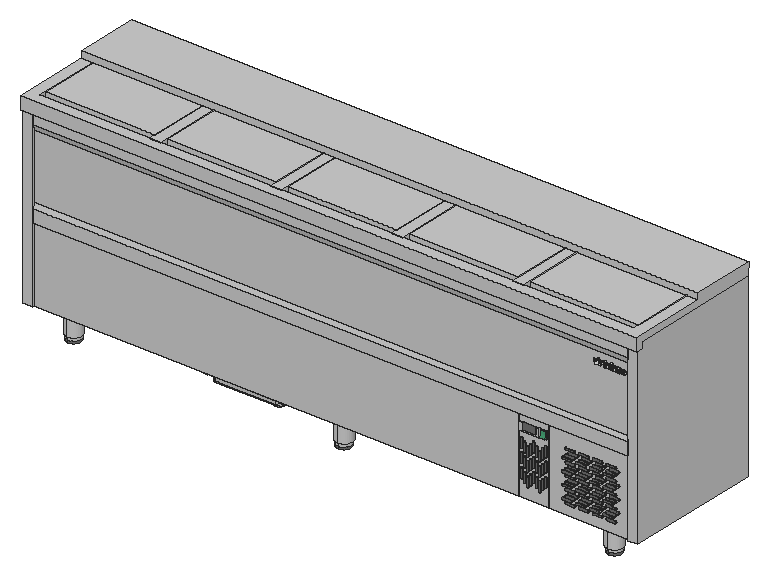
Revit family "QF_INFRICO_EB2500II_250806022218", category Specialty Equipment, Revit 2021
Family settings
  Round Connector Dimension = Use Diameter
  Part Type = Normal
  OmniClass Number = 23.40.40.14
  OmniClass Title = Food Service Equipment
  Work Plane-Based = No
  Always vertical = Yes
  Cut with Voids When Loaded = No
  Shared = No
  Room Calculation Point = No
Parameters (values of type "EB2500II")
  Weight [instance] = 112.999 kg
  Waste Water Discharge Temperature [instance] = 0 °C
  Waste Remarks [instance] = ""
  Warranty Start Date [instance] = ""
  Warranty Duration [instance] = ""
  Volts [instance] = 230 V
  Volt Free Conn [instance] = no
  URL Recommended Spares List [instance] = ""
  URL Manufacturer [instance] = ""
  URL Cutsheet [instance] = ""
  URL Critical Spares List [instance] = ""
  URL = "www.infrico.com"
  Technical Documentation [instance] = ""
  Tag Number [instance] = ""
  Status [instance] = ""
  Start Up Current [instance] = 0 A
  Specification by User [instance] = ""
  Specification by Manufacturer [instance] = ""
  Sound Level [instance] = ""
  Show Logo [instance] = yes
  Show Clearances [instance] = yes
  Service Life Duration [instance] = ""
  Serial Number [instance] = ""
  Seismic Rating [instance] = ""
  SMACNA No [instance] = ""
  Revision Code [instance] = ""
  Revision [instance] = ""
  Production Year [instance] = ""
  Potential Equalisation [instance] = no
  Point Load [instance] = 0
  Plumbing Connection Type [instance] = ""
  Phase [instance] = 1
  Other Equipment Approvals [instance] = ""
  Operational Current [instance] = 0 A
  Number of Poles [instance] = 2
  No Load Power Draw [instance] = no
  NAFEM Spec ID Number [instance] = ""
  Model Warning [instance] = ""
  Model = "EB2500II"
  Min Ckt Ampacity [instance] = 0 A
  Max Overcurrent Protection [instance] = 0 A
  Masterspec [instance] = ""
  Manufacturer = "INFRICO"
  Main switch integrated [instance] = no
  Length Actual [instance] = 2429.002 mm
  Item Number [instance] = ""
  Installed By [instance] = ""
  Installation Date [instance] = ""
  Indirect Waste Size [instance] = 19.05 mm
  Indirect Waste Remarks [instance] = ""
  Indirect Waste Flow [instance] = 0.0 L/s
  Indirect Waste Connection Type [instance] = ""
  Indirect Waste Connection Height [instance] = 0 mm
  Identify Quantity as Lot [instance] = no
  ID [instance] = ""
  Hygiene Approval [instance] = ""
  Height Actual [instance] = 865.124 mm
  HP power [instance] = ""
  Furnished By [instance] = ""
  Foodservice Equipment Identifier [instance] = no
  FL Amps [instance] = 0 A
  Electrical Remarks [instance] = ""
  Electric power [instance] = 360 W
  Electric Connection Type [instance] = ""
  Elec Conn RI Height [instance] = 0 mm
  Elec Conn Connection Height [instance] = 0 mm
  ETL Approved [instance] = no
  Direct Waste Water Discharge Temperature [instance] = -273.15 °C
  Direct Waste Size [instance] = 19.05 mm
  Direct Waste RI Height [instance] = 0 mm
  Direct Waste Flow [instance] = 0.0 L/s
  Direct Waste Connection Height [instance] = 0 mm
  Description = "CHEST BOTTLE COOLER - FIVE DOORS - R290"
  Depth Actual [instance] = 549.91 mm
  Default Elevation = 0 mm
  Cycle [instance] = 50 Hz
  Cost = 0
  Connection to energy optimisation system [instance] = yes
  Conn Plug [instance] = ""
  Conn Conduit [instance] = no
  Centralized building control system with digital interface [instance] = ""
  CSI MasterFormat [instance] = ""
  CE Approved [instance] = no
  Barcode [instance] = 0
  Author [instance] = ""
  Asset Identifier [instance] = ""
  Apparent Power [instance] = 360 VA
  Accessory [instance] = no
Reference planes
  plane 1 "Center (Front/Back)": y = 0
  plane 2: z = 0
  plane 3 "Center (Left/Right)": x = 0
Forms (mm)
  Extrusion 1, solid, not visible
    sketch origin (1997.097, -273.113, 107.005) x (1, 0, 0) y (0, 1, 0)
      loop
        line (-2, 2) -> (-2, -2) -> (2, -2) -> (2, 2) -> (-2, 2)
    from -2 to 2
  Extrusion 2, solid, not visible
    sketch origin (1862.591, -84.104, 107.005) x (1, 0, 0) y (0, 1, 0)
      loop
        line (-2, 2) -> (-2, -2) -> (2, -2) -> (2, 2) -> (-2, 2)
    from -2 to 2
Dimensions and locks
  locked: nested 2 to Extrusion 1 at 2  (x2)
  locked: nested 3 to Extrusion 2 at 2  (x2)
  aligned and locked: level to plane 2
Nested families
  nested 1: "QF_INFRICO_EB2500II_2920" at (0, 0, 0), type "EB2500II"
    with Weight 112.999 kg, Warranty Start Date "", Warranty Duration "", URL Cutsheet "", Technical Documentation "", Tag Number "", Status "", Specification by User "", Specification by Manufacturer "", Sound Level "", Solid Fuel Type "", Show Logo yes, Show Clearances yes, Show Clearance yes, Service Life Duration "", Serial Number "", Seismic Rating "", SMACNA No "", Revision Code "", Revision "", Production Year "", Point Load 0, Other Equipment Approvals "", NAFEM Spec ID Number "", Model Warning "", Masterspec "", Length Actual 2429.002 mm, Item Number "", Installed By "", Installation Date "", Identify Quantity as Lot yes, ID "", Hygiene Approval "", Height Actual 865.124 mm, Furnished By "", Foodservice Equipment Identifier yes, Finish none, ETL Approved yes, Depth Actual 549.91 mm, CSI MasterFormat "", CE Approved no, Barcode "", Author "", Asset Identifier "", Accessory no
  nested 2: "CONN_POINT_DRAIN_2D___Generic_Annotation" at (1997.097, -273.113, 105.005), type "CONN_POINT_DRAIN_2D___Generic_Annotation"
    with Onboard connection annotation symbol visibility yes
  nested 3: "CONN_POINT_ELE_2D___Generic_Annotation" at (1862.591, -84.104, 105.005), type "CONN_POINT_ELE_2D___Generic_Annotation"
    with Onboard connection annotation symbol visibility yes
Connectors
  piping at (1997.097, -273.113, 105.005), diameter 19.05, driven by "Indirect Waste Size", driven by "Direct Waste Flow"
    settings: on Extrusion 1, index 1, connector inside diameter 609.6 mm, connector length 0 mm, flow factor 0, pipe flow 0.0 L/s, pressure drop 0.0 Pa, fitting loss kfactor 0, connector angle 0.00°, fixture units 0, engagement length 0 mm, angle of deflection 0.00°, flow configuration 1, flow direction 2, fitting loss method 0, system type 16, joint type 0, gender type 0, connector reference index -1, connector utility 0, adjustable connector no, is connector primary yes, connector description "Waste connection for EB2500II"
  electrical at (1862.591, -84.104, 105.005), driven by "Apparent Power", driven by "Number of Poles", driven by "Volts"
    settings: on Extrusion 2, index 2, voltage 230 V, apparent load 0 VA, apparent load phase1 360 VA, apparent load phase2 0 VA, apparent load phase3 0 VA, power factor 1, load classification "Other", number of poles 2, system type 31, power factor state 1, is connector primary yes, connector utility no, sub classification motor no, connector description "Electrical connection for EB2500II"
Definition of nested family "QF_INFRICO_EB2500II_2920"
  Parameters (values of type "EB2500II")
    Weight [instance] = 0.00 kg
    Warranty Start Date [instance] = ""
    Warranty Duration [instance] = ""
    URL Cutsheet [instance] = ""
    URL = "www.infrico.com"
    Technical Documentation [instance] = ""
    Tag Number [instance] = ""
    Status [instance] = ""
    Specification by User [instance] = ""
    Specification by Manufacturer [instance] = ""
    Sound Level [instance] = ""
    Solid Fuel Type [instance] = ""
    Show Logo [instance] = yes
    Show Clearances [instance] = yes
    Show Clearance [instance] = yes
    Service Life Duration [instance] = ""
    Serial Number [instance] = ""
    Seismic Rating [instance] = ""
    SMACNA No [instance] = ""
    Revision Code [instance] = ""
    Revision [instance] = ""
    Production Year [instance] = ""
    Point Load [instance] = 0
    Other Equipment Approvals [instance] = ""
    NAFEM Spec ID Number [instance] = ""
    Model Warning [instance] = ""
    Model = "EB2500II"
    Masterspec [instance] = ""
    Manufacturer = "INFRICO"
    Length Actual [instance] = 0 mm
    Item Number [instance] = ""
    Installed By [instance] = ""
    Installation Date [instance] = ""
    Identify Quantity as Lot [instance] = yes
    ID [instance] = ""
    Hygiene Approval [instance] = ""
    Height Actual [instance] = 0 mm
    Furnished By [instance] = ""
    Foodservice Equipment Identifier [instance] = yes
    Finish [instance] = none
    ETL Approved [instance] = yes
    Description = "CHEST BOTTLE COOLER - FIVE DOORS - R290"
    Depth Actual [instance] = 0 mm
    Default Elevation = 0 mm
    CSI MasterFormat [instance] = ""
    CE Approved [instance] = yes
    Barcode [instance] = ""
    Author [instance] = ""
    Asset Identifier [instance] = ""
    Assembly Code = "E1090320"
    Accessory [instance] = yes
  Reference planes
    plane 1 "Back": y = 0
    plane 2: z = 0
    plane 3 "Left": x = 0
    plane 4 "Right": x = 2429
    plane 5 "Front": y = -550
    plane 6 "Top": z = 865
  Forms (mm)
    Extrusion 1, solid
      sketch origin (0, 0, -15) x (0, 1, 0) y (0, 0, 1)
        loop
          line (0, 880) -> (-247, 880) -> (-247, 855) -> (0, 855) -> (0, 880)
      from 0 to 2429
    Extrusion 2, solid
      sketch origin (0, 0, -15) x (1, 0, 0) y (0, 0, 1)
        loop
          line (44, 855) -> (0, 855) -> (0, 830) -> (3, 830) -> (3, 836) -> (44, 836) -> (44, 855)
      from 0 to 510
    Extrusion 3, solid
      sketch origin (2429, 0, -15) x (-1, 0, 0) y (0, 0, -1)
        loop
          line (44, -855) -> (44, -836) -> (3, -836) -> (3, -830) -> (0, -830) -> (0, -855) -> (44, -855)
      from 0 to 510
    Extrusion 4, solid
      sketch origin (0, 0, -15) x (0, 1, 0) y (0, 0, 1)
        loop
          line (-510, 830) -> (-510, 855) -> (-550, 855) -> (-550, 830) -> (-510, 830)
      from 0 to 2429
    Extrusion 5, solid
      sketch origin (1, 0, -15) x (0, 1, 0) y (0, 0, 1)
        loop
          line (-247, 855) -> (-482, 855) -> (-482, 832) -> (-510, 832) -> (-510, 830) -> (-247, 830) -> (-247, 855)
      from 44 to 475
    Extrusion 6, solid
      sketch origin (0, 0, -15) x (0, 1, 0) y (0, 0, 1)
        loop
          line (0, 855) -> (-44, 855) -> (-44, 830) -> (0, 830) -> (0, 855)
      from 44 to 2385
    Extrusion 7, solid
      sketch origin (0, 0, -15) x (1, 0, 0) y (0, 0, 1)
        loop
          line (3, 830) -> (44, 830) -> (44, 836) -> (3, 836) -> (3, 830)
      from 0 to 44
    Extrusion 8, solid
      sketch origin (2382, 0, -15) x (1, 0, 0) y (0, 0, 1)
        loop
          line (3, 830) -> (44, 830) -> (44, 836) -> (3, 836) -> (3, 830)
      from 0 to 44
    Extrusion 9, solid
      sketch origin (3, 0, -15) x (0, 1, 0) y (0, 0, 1)
        loop
          line (-542, 120) -> (0, 120) -> (0, 830) -> (-542, 830) -> (-542, 120)
      from 0 to 39
    Extrusion 10, solid, visible <- "Show Logo"
      sketch origin (1085.682, -535, -15.716) x (1, 0, 0) y (0, 0, 1)
        loop
          line (1208.799, 696.53) -> (1208.799, 719.204) -> (1204.173, 719.204) -> (1204.173, 696.53) -> (1208.799, 696.53)
        loop
          line (1214.779, 713.006) -> (1211.283, 713.006) -> (1211.283, 696.53) -> (1215.772, 696.53) -> (1215.772, 707.832)
          arc (1215.772, 707.832) -> (1217.528, 708.741) -> (1219.417, 709.324) r 11.052
          arc (1219.417, 709.324) -> (1220.929, 708.961) -> (1221.598, 707.557) r 1.806
          line (1221.598, 707.557) -> (1221.598, 696.53) -> (1226.121, 696.53) -> (1226.121, 708.689)
          arc (1226.121, 708.689) -> (1224.637, 712.075) -> (1221.141, 713.281) r 4.607
          arc (1221.141, 713.281) -> (1218.282, 712.674) -> (1215.669, 711.361) r 11.435
          line (1215.669, 711.361) -> (1215.601, 712.184)
          arc (1215.601, 712.184) -> (1215.36, 712.765) -> (1214.779, 713.006) r 0.822
        loop
          line (1238.557, 720.102) -> (1237.306, 720.102)
          arc (1237.306, 720.102) -> (1235.052, 719.926) -> (1232.881, 719.297) r 11.103
          arc (1232.881, 719.297) -> (1230.805, 717.616) -> (1230.024, 715.062) r 4.567
          line (1230.024, 715.062) -> (1230.024, 712.909) -> (1227.351, 712.703) -> (1227.351, 709.374) -> (1230.024, 709.374) -> (1230.024, 696.53) -> (1234.547, 696.53) -> (1234.547, 709.374) -> (1238.249, 709.374) -> (1238.249, 712.938) -> (1234.547, 712.938) -> (1234.547, 714.548)
          arc (1234.547, 714.548) -> (1234.956, 715.705) -> (1236.045, 716.271) r 1.67
          line (1236.045, 716.271) -> (1237.7, 716.399)
          arc (1237.7, 716.399) -> (1238.306, 716.65) -> (1238.557, 717.255) r 0.857
          line (1238.557, 717.255) -> (1238.557, 720.102)
        loop
          line (1239.479, 713.006) -> (1239.479, 696.53) -> (1243.968, 696.53) -> (1243.968, 707.352)
          arc (1243.968, 707.352) -> (1245.873, 708.631) -> (1248.077, 709.268) r 7.435
          line (1248.077, 709.268) -> (1249.241, 709.416)
          arc (1249.241, 709.416) -> (1249.643, 709.758) -> (1249.793, 710.265) r 0.928
          line (1249.793, 710.265) -> (1249.793, 712.458)
          arc (1249.793, 712.458) -> (1249.531, 713.061) -> (1248.912, 713.28) r 0.824
          arc (1248.912, 713.28) -> (1246.197, 712.588) -> (1243.899, 710.984) r 7.833
          line (1243.899, 710.984) -> (1243.726, 713.006) -> (1239.479, 713.006)
        loop
          line (1255.495, 696.53) -> (1255.495, 713.006) -> (1251.006, 713.006) -> (1251.006, 696.53) -> (1255.495, 696.53)
        loop
          arc (1257.421, 701.327) -> (1258.567, 698.188) -> (1261.466, 696.525) r 4.873
          arc (1261.466, 696.525) -> (1264.493, 696.266) -> (1267.521, 696.525) r 17.816
          arc (1267.521, 696.525) -> (1270.575, 699.134) -> (1271.505, 703.041) r 6.481
          line (1271.505, 703.041) -> (1267.187, 703.041) -> (1267.187, 701.67)
          arc (1267.187, 701.67) -> (1266.64, 700.452) -> (1265.442, 699.865) r 1.965
          arc (1265.442, 699.865) -> (1264.547, 699.816) -> (1263.653, 699.865) r 8.196
          arc (1263.653, 699.865) -> (1262.417, 700.415) -> (1261.91, 701.67) r 1.806
          line (1261.91, 701.67) -> (1261.91, 707.9)
          arc (1261.91, 707.9) -> (1262.417, 709.155) -> (1263.653, 709.705) r 1.806
          arc (1263.653, 709.705) -> (1264.547, 709.754) -> (1265.442, 709.705) r 8.196
          arc (1265.442, 709.705) -> (1266.64, 709.118) -> (1267.187, 707.9) r 1.965
          line (1267.187, 707.9) -> (1267.187, 706.838) -> (1271.505, 706.838)
          arc (1271.505, 706.838) -> (1270.524, 710.556) -> (1267.521, 712.959) r 6.132
          arc (1267.521, 712.959) -> (1264.493, 713.294) -> (1261.466, 712.959) r 13.851
          arc (1261.466, 712.959) -> (1258.571, 711.349) -> (1257.421, 708.243) r 4.772
          line (1257.421, 708.243) -> (1257.421, 701.327)
        loop
          arc (1272.916, 701.329) -> (1273.993, 698.345) -> (1276.726, 696.734) r 4.676
          arc (1276.726, 696.734) -> (1278.515, 696.455) -> (1280.318, 696.291) r 28.371
          arc (1280.318, 696.291) -> (1282.122, 696.455) -> (1283.911, 696.734) r 28.371
          arc (1283.911, 696.734) -> (1286.644, 698.345) -> (1287.72, 701.329) r 4.676
          line (1287.72, 701.329) -> (1287.72, 708.242)
          arc (1287.72, 708.242) -> (1286.644, 711.226) -> (1283.911, 712.837) r 4.676
          arc (1283.911, 712.837) -> (1282.122, 713.116) -> (1280.318, 713.28) r 28.371
          arc (1280.318, 713.28) -> (1278.515, 713.116) -> (1276.726, 712.837) r 28.371
          arc (1276.726, 712.837) -> (1273.993, 711.226) -> (1272.916, 708.242) r 4.676
          line (1272.916, 708.242) -> (1272.916, 701.329)
        loop
          line (1277.405, 707.866) -> (1277.405, 701.705)
          arc (1277.405, 701.705) -> (1277.844, 700.556) -> (1278.936, 699.991) r 1.725
          arc (1278.936, 699.991) -> (1279.627, 699.918) -> (1280.318, 699.856) r 46.133
          arc (1280.318, 699.856) -> (1281.01, 699.918) -> (1281.701, 699.991) r 46.133
          arc (1281.701, 699.991) -> (1282.793, 700.556) -> (1283.231, 701.705) r 1.725
          line (1283.231, 701.705) -> (1283.231, 707.866)
          arc (1283.231, 707.866) -> (1282.793, 709.015) -> (1281.701, 709.58) r 1.725
          arc (1281.701, 709.58) -> (1281.01, 709.653) -> (1280.318, 709.716) r 46.133
          arc (1280.318, 709.716) -> (1279.627, 709.653) -> (1278.936, 709.58) r 46.133
          arc (1278.936, 709.58) -> (1277.844, 709.015) -> (1277.405, 707.866) r 1.725
        loop
          arc (1190.339, 696.543) -> (1191.411, 696.987) -> (1191.856, 698.059) r 1.516
          line (1191.856, 698.059) -> (1191.856, 703.891) -> (1196.035, 703.891)
          arc (1196.035, 703.891) -> (1196.79, 704.121) -> (1197.218, 704.782) r 1.147
          line (1197.218, 704.782) -> (1197.218, 706.211)
          arc (1197.218, 706.211) -> (1196.787, 707.258) -> (1195.719, 707.634) r 1.385
          line (1195.719, 707.634) -> (1194.52, 707.634) -> (1197.218, 710.332)
          arc (1197.218, 710.332) -> (1197.605, 711.266) -> (1197.218, 712.2) r 1.321
          line (1197.218, 712.2) -> (1196.495, 712.923)
          arc (1196.495, 712.923) -> (1195.54, 713.338) -> (1194.558, 712.991) r 1.422
          line (1194.558, 712.991) -> (1191.853, 710.286) -> (1191.853, 711.479)
          arc (1191.853, 711.479) -> (1191.443, 712.516) -> (1190.435, 712.992) r 1.516
          line (1190.435, 712.992) -> (1189.514, 712.992)
          arc (1189.514, 712.992) -> (1188.511, 712.514) -> (1188.103, 711.479) r 1.516
          line (1188.103, 711.479) -> (1188.103, 706.83) -> (1182.073, 701.336) -> (1182.073, 707.509) -> (1185.639, 711.075)
          arc (1185.639, 711.075) -> (1186.053, 712.073) -> (1185.639, 713.071) r 1.412
          line (1185.639, 713.071) -> (1184.987, 713.723)
          arc (1184.987, 713.723) -> (1183.939, 714.141) -> (1182.915, 713.667) r 1.428
          line (1182.915, 713.667) -> (1182.073, 712.825) -> (1182.073, 717.784)
          arc (1182.073, 717.784) -> (1181.658, 718.787) -> (1180.655, 719.203) r 1.418
          line (1180.655, 719.203) -> (1179.726, 719.203)
          arc (1179.726, 719.203) -> (1178.723, 718.787) -> (1178.308, 717.784) r 1.418
          line (1178.308, 717.784) -> (1178.308, 712.825) -> (1177.466, 713.667)
          arc (1177.466, 713.667) -> (1176.442, 714.141) -> (1175.394, 713.723) r 1.428
          line (1175.394, 713.723) -> (1174.742, 713.071)
          arc (1174.742, 713.071) -> (1174.328, 712.073) -> (1174.742, 711.075) r 1.412
          line (1174.742, 711.075) -> (1178.308, 707.509) -> (1178.308, 701.336) -> (1172.278, 706.83) -> (1172.278, 711.479)
          arc (1172.278, 711.479) -> (1171.87, 712.514) -> (1170.867, 712.992) r 1.516
          line (1170.867, 712.992) -> (1169.946, 712.992)
          arc (1169.946, 712.992) -> (1168.938, 712.516) -> (1168.528, 711.479) r 1.516
          line (1168.528, 711.479) -> (1168.528, 710.286) -> (1165.823, 712.991)
          arc (1165.823, 712.991) -> (1164.841, 713.338) -> (1163.886, 712.923) r 1.422
          line (1163.886, 712.923) -> (1163.163, 712.2)
          arc (1163.163, 712.2) -> (1162.776, 711.266) -> (1163.163, 710.332) r 1.321
          line (1163.163, 710.332) -> (1165.861, 707.634) -> (1164.662, 707.634)
          arc (1164.662, 707.634) -> (1163.594, 707.258) -> (1163.163, 706.211) r 1.385
          line (1163.163, 706.211) -> (1163.163, 704.782)
          arc (1163.163, 704.782) -> (1163.591, 704.121) -> (1164.346, 703.891) r 1.147
          line (1164.346, 703.891) -> (1168.525, 703.891) -> (1168.525, 698.059)
          arc (1168.525, 698.059) -> (1168.969, 696.987) -> (1170.042, 696.543) r 1.516
          line (1170.042, 696.543) -> (1190.339, 696.543)
      from 0 to 2
    Extrusion 11, solid
      sketch origin (2060.5, -534, 1402.457) x (0, -1, 0) y (0, 0, 1)
        loop
          line (0, -1056.457) -> (2, -1056.457)
          arc (2, -1056.457) -> (5.042, -1056.207) -> (8.002, -1055.466) r 18.678
          arc (8.002, -1055.466) -> (4.242, -1043.724) -> (3, -1031.457) r 59.104
          line (3, -1031.457) -> (0, -1031.457) -> (0, -1056.457)
      from 0 to 19
    Extrusion 12, solid
      sketch origin (2060.5, -536, 1402.457) x (-1, 0, 0) y (0, 0, 1)
        loop
          line (22, -1028.457) -> (-3, -1028.457) -> (-3, -1059.457) -> (22, -1059.457) -> (22, -1028.457)
      from 0 to 2
    Extrusion 13, solid
      sketch origin (3238.844, -534.1, 58.143) x (-1, 0, 0) y (0, 0, 1)
        loop
          arc (1280.344, 256.857) -> (1275.844, 261.357) -> (1271.344, 256.857) r 4.5
          line (1271.344, 256.857) -> (1271.344, 225.857)
          arc (1271.344, 225.857) -> (1275.844, 221.357) -> (1280.344, 225.857) r 4.5
          line (1280.344, 225.857) -> (1280.344, 256.857)
        loop
          arc (1268.344, 244.857) -> (1263.844, 249.357) -> (1259.344, 244.857) r 4.5
          line (1259.344, 244.857) -> (1259.344, 213.857)
          arc (1259.344, 213.857) -> (1263.844, 209.357) -> (1268.344, 213.857) r 4.5
          line (1268.344, 213.857) -> (1268.344, 244.857)
        loop
          arc (1256.344, 232.857) -> (1251.844, 237.357) -> (1247.344, 232.857) r 4.5
          line (1247.344, 232.857) -> (1247.344, 201.857)
          arc (1247.344, 201.857) -> (1251.844, 197.357) -> (1256.344, 201.857) r 4.5
          line (1256.344, 201.857) -> (1256.344, 232.857)
        loop
          arc (1244.344, 244.857) -> (1239.844, 249.357) -> (1235.344, 244.857) r 4.5
          line (1235.344, 244.857) -> (1235.344, 213.857)
          arc (1235.344, 213.857) -> (1239.844, 209.357) -> (1244.344, 213.857) r 4.5
          line (1244.344, 213.857) -> (1244.344, 244.857)
        loop
          arc (1232.344, 256.857) -> (1227.844, 261.357) -> (1223.344, 256.857) r 4.5
          line (1223.344, 256.857) -> (1223.344, 225.857)
          arc (1223.344, 225.857) -> (1227.844, 221.357) -> (1232.344, 225.857) r 4.5
          line (1232.344, 225.857) -> (1232.344, 256.857)
        loop
          arc (1220.344, 244.857) -> (1215.844, 249.357) -> (1211.344, 244.857) r 4.5
          line (1211.344, 244.857) -> (1211.344, 213.857)
          arc (1211.344, 213.857) -> (1215.844, 209.357) -> (1220.344, 213.857) r 4.5
          line (1220.344, 213.857) -> (1220.344, 244.857)
        loop
          arc (1208.344, 232.857) -> (1203.844, 237.357) -> (1199.344, 232.857) r 4.5
          line (1199.344, 232.857) -> (1199.344, 201.857)
          arc (1199.344, 201.857) -> (1203.844, 197.357) -> (1208.344, 201.857) r 4.5
          line (1208.344, 201.857) -> (1208.344, 232.857)
        loop
          arc (1196.344, 244.857) -> (1191.844, 249.357) -> (1187.344, 244.857) r 4.5
          line (1187.344, 244.857) -> (1187.344, 213.857)
          arc (1187.344, 213.857) -> (1191.844, 209.357) -> (1196.344, 213.857) r 4.5
          line (1196.344, 213.857) -> (1196.344, 244.857)
        loop
          line (1175.344, 256.857) -> (1175.344, 225.857)
          arc (1175.344, 225.857) -> (1179.844, 221.357) -> (1184.344, 225.857) r 4.5
          line (1184.344, 225.857) -> (1184.344, 256.857)
          arc (1184.344, 256.857) -> (1179.844, 261.357) -> (1175.344, 256.857) r 4.5
        loop
          arc (1280.344, 202.857) -> (1275.844, 207.357) -> (1271.344, 202.857) r 4.5
          line (1271.344, 202.857) -> (1271.344, 171.857)
          arc (1271.344, 171.857) -> (1275.844, 167.357) -> (1280.344, 171.857) r 4.5
          line (1280.344, 171.857) -> (1280.344, 202.857)
        loop
          arc (1268.344, 190.857) -> (1263.844, 195.357) -> (1259.344, 190.857) r 4.5
          line (1259.344, 190.857) -> (1259.344, 159.857)
          arc (1259.344, 159.857) -> (1263.844, 155.357) -> (1268.344, 159.857) r 4.5
          line (1268.344, 159.857) -> (1268.344, 190.857)
        loop
          arc (1256.344, 178.857) -> (1251.844, 183.357) -> (1247.344, 178.857) r 4.5
          line (1247.344, 178.857) -> (1247.344, 147.857)
          arc (1247.344, 147.857) -> (1251.844, 143.357) -> (1256.344, 147.857) r 4.5
          line (1256.344, 147.857) -> (1256.344, 178.857)
        loop
          arc (1244.344, 190.857) -> (1239.844, 195.357) -> (1235.344, 190.857) r 4.5
          line (1235.344, 190.857) -> (1235.344, 159.857)
          arc (1235.344, 159.857) -> (1239.844, 155.357) -> (1244.344, 159.857) r 4.5
          line (1244.344, 159.857) -> (1244.344, 190.857)
        loop
          arc (1232.344, 202.857) -> (1227.844, 207.357) -> (1223.344, 202.857) r 4.5
          line (1223.344, 202.857) -> (1223.344, 171.857)
          arc (1223.344, 171.857) -> (1227.844, 167.357) -> (1232.344, 171.857) r 4.5
          line (1232.344, 171.857) -> (1232.344, 202.857)
        loop
          arc (1220.344, 190.857) -> (1215.844, 195.357) -> (1211.344, 190.857) r 4.5
          line (1211.344, 190.857) -> (1211.344, 159.857)
          arc (1211.344, 159.857) -> (1215.844, 155.357) -> (1220.344, 159.857) r 4.5
          line (1220.344, 159.857) -> (1220.344, 190.857)
        loop
          arc (1208.344, 178.857) -> (1203.844, 183.357) -> (1199.344, 178.857) r 4.5
          line (1199.344, 178.857) -> (1199.344, 147.857)
          arc (1199.344, 147.857) -> (1203.844, 143.357) -> (1208.344, 147.857) r 4.5
          line (1208.344, 147.857) -> (1208.344, 178.857)
        loop
          arc (1196.344, 190.857) -> (1191.844, 195.357) -> (1187.344, 190.857) r 4.5
          line (1187.344, 190.857) -> (1187.344, 159.857)
          arc (1187.344, 159.857) -> (1191.844, 155.357) -> (1196.344, 159.857) r 4.5
          line (1196.344, 159.857) -> (1196.344, 190.857)
        loop
          line (1175.344, 202.857) -> (1175.344, 171.857)
          arc (1175.344, 171.857) -> (1179.844, 167.357) -> (1184.344, 171.857) r 4.5
          line (1184.344, 171.857) -> (1184.344, 202.857)
          arc (1184.344, 202.857) -> (1179.844, 207.357) -> (1175.344, 202.857) r 4.5
        loop
          arc (1280.344, 148.857) -> (1275.844, 153.357) -> (1271.344, 148.857) r 4.5
          line (1271.344, 148.857) -> (1271.344, 117.857)
          arc (1271.344, 117.857) -> (1275.844, 113.357) -> (1280.344, 117.857) r 4.5
          line (1280.344, 117.857) -> (1280.344, 148.857)
        loop
          arc (1268.344, 136.857) -> (1263.844, 141.357) -> (1259.344, 136.857) r 4.5
          line (1259.344, 136.857) -> (1259.344, 105.857)
          arc (1259.344, 105.857) -> (1263.844, 101.357) -> (1268.344, 105.857) r 4.5
          line (1268.344, 105.857) -> (1268.344, 136.857)
        loop
          arc (1256.344, 124.857) -> (1251.844, 129.357) -> (1247.344, 124.857) r 4.5
          line (1247.344, 124.857) -> (1247.344, 93.857)
          arc (1247.344, 93.857) -> (1251.844, 89.357) -> (1256.344, 93.857) r 4.5
          line (1256.344, 93.857) -> (1256.344, 124.857)
        loop
          arc (1244.344, 136.857) -> (1239.844, 141.357) -> (1235.344, 136.857) r 4.5
          line (1235.344, 136.857) -> (1235.344, 105.857)
          arc (1235.344, 105.857) -> (1239.844, 101.357) -> (1244.344, 105.857) r 4.5
          line (1244.344, 105.857) -> (1244.344, 136.857)
        loop
          arc (1232.344, 148.857) -> (1227.844, 153.357) -> (1223.344, 148.857) r 4.5
          line (1223.344, 148.857) -> (1223.344, 117.857)
          arc (1223.344, 117.857) -> (1227.844, 113.357) -> (1232.344, 117.857) r 4.5
          line (1232.344, 117.857) -> (1232.344, 148.857)
        loop
          arc (1220.344, 136.857) -> (1215.844, 141.357) -> (1211.344, 136.857) r 4.5
          line (1211.344, 136.857) -> (1211.344, 105.857)
          arc (1211.344, 105.857) -> (1215.844, 101.357) -> (1220.344, 105.857) r 4.5
          line (1220.344, 105.857) -> (1220.344, 136.857)
        loop
          arc (1208.344, 124.857) -> (1203.844, 129.357) -> (1199.344, 124.857) r 4.5
          line (1199.344, 124.857) -> (1199.344, 93.857)
          arc (1199.344, 93.857) -> (1203.844, 89.357) -> (1208.344, 93.857) r 4.5
          line (1208.344, 93.857) -> (1208.344, 124.857)
        loop
          arc (1196.344, 136.857) -> (1191.844, 141.357) -> (1187.344, 136.857) r 4.5
          line (1187.344, 136.857) -> (1187.344, 105.857)
          arc (1187.344, 105.857) -> (1191.844, 101.357) -> (1196.344, 105.857) r 4.5
          line (1196.344, 105.857) -> (1196.344, 136.857)
        loop
          line (1175.344, 148.857) -> (1175.344, 117.857)
          arc (1175.344, 117.857) -> (1179.844, 113.357) -> (1184.344, 117.857) r 4.5
          line (1184.344, 117.857) -> (1184.344, 148.857)
          arc (1184.344, 148.857) -> (1179.844, 153.357) -> (1175.344, 148.857) r 4.5
      from 0 to 2
    Extrusion 14, solid
      sketch origin (-1000, 0, -15) x (1, 0, 0) y (0, 1, 0)
        loop
          line (1000, -550) -> (3429, -550) -> (3429, -525) -> (3426, -525) -> (3426, -548) -> (1003, -548) -> (1003, -525) -> (1000, -525) -> (1000, -550)
      from 805 to 830
    Extrusion 15, solid
      sketch origin (997, 0, -15) x (0, 1, 0) y (0, 0, -1)
        loop
          line (-247, -855) -> (-247, -830) -> (-510, -830) -> (-510, -832) -> (-482, -832) -> (-482, -855) -> (-247, -855)
      from 44 to 475
    Extrusion 16, solid
      sketch origin (-3, 0, -15) x (1, 0, 0) y (0, 1, 0)
        loop
          line (480, -247) -> (480, -510) -> (524, -510) -> (524, -247) -> (480, -247)
      from 830 to 855
    Extrusion 17, solid
      sketch origin (2426, 0, -15) x (0, 1, 0) y (0, 0, -1)
        loop
          line (-542, -120) -> (-542, -830) -> (0, -830) -> (0, -120) -> (-542, -120)
      from 0 to 39
    Extrusion 18, solid
      sketch origin (0, 0, -2) x (0, 1, 0) y (0, 0, 1)
        loop
          line (-542, 817) -> (-542, 750) -> (-535, 731) -> (-535, 474) -> (-542, 455) -> (-542, 405) -> (-525, 405) -> (-525, 817) -> (-542, 817)
      from 42 to 2387
    Extrusion 19, solid
      sketch origin (0, 0, -2) x (0, 1, 0) y (0, 0, 1)
        loop
          line (0, 817) -> (-12, 817) -> (-12, 119) -> (-485, 119) -> (-485, 107) -> (0, 107) -> (0, 817)
      from 42 to 2387
    Extrusion 20, solid
      sketch origin (0, 0, -2) x (0, 1, 0) y (0, 0, 1)
        loop
          line (-485, 107) -> (-485, 119) -> (-525, 119) -> (-525, 405) -> (-534, 405) -> (-534, 107) -> (-485, 107)
      from 42 to 1951
    Extrusion 21, solid
      sketch origin (1909, 0, -2) x (0, 1, 0) y (0, 0, 1)
        loop
          line (-485, 107) -> (-485, 119) -> (-525, 119) -> (-525, 405) -> (-534, 405) -> (-534, 107) -> (-485, 107)
      from 42 to 162
    Extrusion 22, solid
      sketch origin (2029, 0, -2) x (0, 1, 0) y (0, 0, 1)
        loop
          line (-485, 107) -> (-485, 119) -> (-525, 119) -> (-525, 405) -> (-534, 405) -> (-534, 107) -> (-485, 107)
      from 42 to 358
    Extrusion 23, solid
      sketch origin (3358.844, -534.1, 58.143) x (-1, 0, 0) y (0, 0, 1)
        loop
          arc (1068.844, 176.857) -> (1064.344, 172.357) -> (1068.844, 167.857) r 4.5
          line (1068.844, 167.857) -> (1099.844, 167.857)
          arc (1099.844, 167.857) -> (1104.344, 172.357) -> (1099.844, 176.857) r 4.5
          line (1099.844, 176.857) -> (1068.844, 176.857)
        loop
          arc (1080.844, 164.857) -> (1076.344, 160.357) -> (1080.844, 155.857) r 4.5
          line (1080.844, 155.857) -> (1111.844, 155.857)
          arc (1111.844, 155.857) -> (1116.344, 160.357) -> (1111.844, 164.857) r 4.5
          line (1111.844, 164.857) -> (1080.844, 164.857)
        loop
          arc (1092.844, 152.857) -> (1088.344, 148.357) -> (1092.844, 143.857) r 4.5
          line (1092.844, 143.857) -> (1123.844, 143.857)
          arc (1123.844, 143.857) -> (1128.344, 148.357) -> (1123.844, 152.857) r 4.5
          line (1123.844, 152.857) -> (1092.844, 152.857)
        loop
          arc (1080.844, 140.857) -> (1076.344, 136.357) -> (1080.844, 131.857) r 4.5
          line (1080.844, 131.857) -> (1111.844, 131.857)
          arc (1111.844, 131.857) -> (1116.344, 136.357) -> (1111.844, 140.857) r 4.5
          line (1111.844, 140.857) -> (1080.844, 140.857)
        loop
          arc (1068.844, 128.857) -> (1064.344, 124.357) -> (1068.844, 119.857) r 4.5
          line (1068.844, 119.857) -> (1099.844, 119.857)
          arc (1099.844, 119.857) -> (1104.344, 124.357) -> (1099.844, 128.857) r 4.5
          line (1099.844, 128.857) -> (1068.844, 128.857)
        loop
          arc (1080.844, 116.857) -> (1076.344, 112.357) -> (1080.844, 107.857) r 4.5
          line (1080.844, 107.857) -> (1111.844, 107.857)
          arc (1111.844, 107.857) -> (1116.344, 112.357) -> (1111.844, 116.857) r 4.5
          line (1111.844, 116.857) -> (1080.844, 116.857)
        loop
          arc (1092.844, 104.857) -> (1088.344, 100.357) -> (1092.844, 95.857) r 4.5
          line (1092.844, 95.857) -> (1123.844, 95.857)
          arc (1123.844, 95.857) -> (1128.344, 100.357) -> (1123.844, 104.857) r 4.5
          line (1123.844, 104.857) -> (1092.844, 104.857)
        loop
          arc (1080.844, 92.857) -> (1076.344, 88.357) -> (1080.844, 83.857) r 4.5
          line (1080.844, 83.857) -> (1111.844, 83.857)
          arc (1111.844, 83.857) -> (1116.344, 88.357) -> (1111.844, 92.857) r 4.5
          line (1111.844, 92.857) -> (1080.844, 92.857)
        loop
          arc (1122.844, 176.857) -> (1118.344, 172.357) -> (1122.844, 167.857) r 4.5
          line (1122.844, 167.857) -> (1153.844, 167.857)
          arc (1153.844, 167.857) -> (1158.344, 172.357) -> (1153.844, 176.857) r 4.5
          line (1153.844, 176.857) -> (1122.844, 176.857)
        loop
          arc (1134.844, 164.857) -> (1130.344, 160.357) -> (1134.844, 155.857) r 4.5
          line (1134.844, 155.857) -> (1165.844, 155.857)
          arc (1165.844, 155.857) -> (1170.344, 160.357) -> (1165.844, 164.857) r 4.5
          line (1165.844, 164.857) -> (1134.844, 164.857)
        loop
          arc (1146.844, 152.857) -> (1142.344, 148.357) -> (1146.844, 143.857) r 4.5
          line (1146.844, 143.857) -> (1177.844, 143.857)
          arc (1177.844, 143.857) -> (1182.344, 148.357) -> (1177.844, 152.857) r 4.5
          line (1177.844, 152.857) -> (1146.844, 152.857)
        loop
          arc (1134.844, 140.857) -> (1130.344, 136.357) -> (1134.844, 131.857) r 4.5
          line (1134.844, 131.857) -> (1165.844, 131.857)
          arc (1165.844, 131.857) -> (1170.344, 136.357) -> (1165.844, 140.857) r 4.5
          line (1165.844, 140.857) -> (1134.844, 140.857)
        loop
          arc (1122.844, 128.857) -> (1118.344, 124.357) -> (1122.844, 119.857) r 4.5
          line (1122.844, 119.857) -> (1153.844, 119.857)
          arc (1153.844, 119.857) -> (1158.344, 124.357) -> (1153.844, 128.857) r 4.5
          line (1153.844, 128.857) -> (1122.844, 128.857)
        loop
          arc (1134.844, 116.857) -> (1130.344, 112.357) -> (1134.844, 107.857) r 4.5
          line (1134.844, 107.857) -> (1165.844, 107.857)
          arc (1165.844, 107.857) -> (1170.344, 112.357) -> (1165.844, 116.857) r 4.5
          line (1165.844, 116.857) -> (1134.844, 116.857)
        loop
          arc (1146.844, 104.857) -> (1142.344, 100.357) -> (1146.844, 95.857) r 4.5
          line (1146.844, 95.857) -> (1177.844, 95.857)
          arc (1177.844, 95.857) -> (1182.344, 100.357) -> (1177.844, 104.857) r 4.5
          line (1177.844, 104.857) -> (1146.844, 104.857)
        loop
          arc (1134.844, 92.857) -> (1130.344, 88.357) -> (1134.844, 83.857) r 4.5
          line (1134.844, 83.857) -> (1165.844, 83.857)
          arc (1165.844, 83.857) -> (1170.344, 88.357) -> (1165.844, 92.857) r 4.5
          line (1165.844, 92.857) -> (1134.844, 92.857)
        loop
          arc (1176.844, 176.857) -> (1172.344, 172.357) -> (1176.844, 167.857) r 4.5
          line (1176.844, 167.857) -> (1207.844, 167.857)
          arc (1207.844, 167.857) -> (1212.344, 172.357) -> (1207.844, 176.857) r 4.5
          line (1207.844, 176.857) -> (1176.844, 176.857)
        loop
          arc (1188.844, 164.857) -> (1184.344, 160.357) -> (1188.844, 155.857) r 4.5
          line (1188.844, 155.857) -> (1219.844, 155.857)
          arc (1219.844, 155.857) -> (1224.344, 160.357) -> (1219.844, 164.857) r 4.5
          line (1219.844, 164.857) -> (1188.844, 164.857)
        loop
          arc (1200.844, 152.857) -> (1196.344, 148.357) -> (1200.844, 143.857) r 4.5
          line (1200.844, 143.857) -> (1231.844, 143.857)
          arc (1231.844, 143.857) -> (1236.344, 148.357) -> (1231.844, 152.857) r 4.5
          line (1231.844, 152.857) -> (1200.844, 152.857)
        loop
          arc (1188.844, 140.857) -> (1184.344, 136.357) -> (1188.844, 131.857) r 4.5
          line (1188.844, 131.857) -> (1219.844, 131.857)
          arc (1219.844, 131.857) -> (1224.344, 136.357) -> (1219.844, 140.857) r 4.5
          line (1219.844, 140.857) -> (1188.844, 140.857)
        loop
          arc (1176.844, 128.857) -> (1172.344, 124.357) -> (1176.844, 119.857) r 4.5
          line (1176.844, 119.857) -> (1207.844, 119.857)
          arc (1207.844, 119.857) -> (1212.344, 124.357) -> (1207.844, 128.857) r 4.5
          line (1207.844, 128.857) -> (1176.844, 128.857)
        loop
          arc (1188.844, 116.857) -> (1184.344, 112.357) -> (1188.844, 107.857) r 4.5
          line (1188.844, 107.857) -> (1219.844, 107.857)
          arc (1219.844, 107.857) -> (1224.344, 112.357) -> (1219.844, 116.857) r 4.5
          line (1219.844, 116.857) -> (1188.844, 116.857)
        loop
          arc (1200.844, 104.857) -> (1196.344, 100.357) -> (1200.844, 95.857) r 4.5
          line (1200.844, 95.857) -> (1231.844, 95.857)
          arc (1231.844, 95.857) -> (1236.344, 100.357) -> (1231.844, 104.857) r 4.5
          line (1231.844, 104.857) -> (1200.844, 104.857)
        loop
          arc (1188.844, 92.857) -> (1184.344, 88.357) -> (1188.844, 83.857) r 4.5
          line (1188.844, 83.857) -> (1219.844, 83.857)
          arc (1219.844, 83.857) -> (1224.344, 88.357) -> (1219.844, 92.857) r 4.5
          line (1219.844, 92.857) -> (1188.844, 92.857)
        loop
          arc (1068.844, 272.857) -> (1064.344, 268.357) -> (1068.844, 263.857) r 4.5
          line (1068.844, 263.857) -> (1099.844, 263.857)
          arc (1099.844, 263.857) -> (1104.344, 268.357) -> (1099.844, 272.857) r 4.5
          line (1099.844, 272.857) -> (1068.844, 272.857)
        loop
          arc (1080.844, 260.857) -> (1076.344, 256.357) -> (1080.844, 251.857) r 4.5
          line (1080.844, 251.857) -> (1111.844, 251.857)
          arc (1111.844, 251.857) -> (1116.344, 256.357) -> (1111.844, 260.857) r 4.5
          line (1111.844, 260.857) -> (1080.844, 260.857)
        loop
          arc (1092.844, 248.857) -> (1088.344, 244.357) -> (1092.844, 239.857) r 4.5
          line (1092.844, 239.857) -> (1123.844, 239.857)
          arc (1123.844, 239.857) -> (1128.344, 244.357) -> (1123.844, 248.857) r 4.5
          line (1123.844, 248.857) -> (1092.844, 248.857)
        loop
          arc (1080.844, 236.857) -> (1076.344, 232.357) -> (1080.844, 227.857) r 4.5
          line (1080.844, 227.857) -> (1111.844, 227.857)
          arc (1111.844, 227.857) -> (1116.344, 232.357) -> (1111.844, 236.857) r 4.5
          line (1111.844, 236.857) -> (1080.844, 236.857)
        loop
          arc (1068.844, 224.857) -> (1064.344, 220.357) -> (1068.844, 215.857) r 4.5
          line (1068.844, 215.857) -> (1099.844, 215.857)
          arc (1099.844, 215.857) -> (1104.344, 220.357) -> (1099.844, 224.857) r 4.5
          line (1099.844, 224.857) -> (1068.844, 224.857)
        loop
          arc (1080.844, 212.857) -> (1076.344, 208.357) -> (1080.844, 203.857) r 4.5
          line (1080.844, 203.857) -> (1111.844, 203.857)
          arc (1111.844, 203.857) -> (1116.344, 208.357) -> (1111.844, 212.857) r 4.5
          line (1111.844, 212.857) -> (1080.844, 212.857)
        loop
          arc (1092.844, 200.857) -> (1088.344, 196.357) -> (1092.844, 191.857) r 4.5
          line (1092.844, 191.857) -> (1123.844, 191.857)
          arc (1123.844, 191.857) -> (1128.344, 196.357) -> (1123.844, 200.857) r 4.5
          line (1123.844, 200.857) -> (1092.844, 200.857)
        loop
          arc (1080.844, 188.857) -> (1076.344, 184.357) -> (1080.844, 179.857) r 4.5
          line (1080.844, 179.857) -> (1111.844, 179.857)
          arc (1111.844, 179.857) -> (1116.344, 184.357) -> (1111.844, 188.857) r 4.5
          line (1111.844, 188.857) -> (1080.844, 188.857)
        loop
          arc (1122.844, 272.857) -> (1118.344, 268.357) -> (1122.844, 263.857) r 4.5
          line (1122.844, 263.857) -> (1153.844, 263.857)
          arc (1153.844, 263.857) -> (1158.344, 268.357) -> (1153.844, 272.857) r 4.5
          line (1153.844, 272.857) -> (1122.844, 272.857)
        loop
          arc (1134.844, 260.857) -> (1130.344, 256.357) -> (1134.844, 251.857) r 4.5
          line (1134.844, 251.857) -> (1165.844, 251.857)
          arc (1165.844, 251.857) -> (1170.344, 256.357) -> (1165.844, 260.857) r 4.5
          line (1165.844, 260.857) -> (1134.844, 260.857)
        loop
          arc (1146.844, 248.857) -> (1142.344, 244.357) -> (1146.844, 239.857) r 4.5
          line (1146.844, 239.857) -> (1177.844, 239.857)
          arc (1177.844, 239.857) -> (1182.344, 244.357) -> (1177.844, 248.857) r 4.5
          line (1177.844, 248.857) -> (1146.844, 248.857)
        loop
          arc (1134.844, 236.857) -> (1130.344, 232.357) -> (1134.844, 227.857) r 4.5
          line (1134.844, 227.857) -> (1165.844, 227.857)
          arc (1165.844, 227.857) -> (1170.344, 232.357) -> (1165.844, 236.857) r 4.5
          line (1165.844, 236.857) -> (1134.844, 236.857)
        loop
          arc (1122.844, 224.857) -> (1118.344, 220.357) -> (1122.844, 215.857) r 4.5
          line (1122.844, 215.857) -> (1153.844, 215.857)
          arc (1153.844, 215.857) -> (1158.344, 220.357) -> (1153.844, 224.857) r 4.5
          line (1153.844, 224.857) -> (1122.844, 224.857)
        loop
          arc (1134.844, 212.857) -> (1130.344, 208.357) -> (1134.844, 203.857) r 4.5
          line (1134.844, 203.857) -> (1165.844, 203.857)
          arc (1165.844, 203.857) -> (1170.344, 208.357) -> (1165.844, 212.857) r 4.5
          line (1165.844, 212.857) -> (1134.844, 212.857)
        loop
          arc (1146.844, 200.857) -> (1142.344, 196.357) -> (1146.844, 191.857) r 4.5
          line (1146.844, 191.857) -> (1177.844, 191.857)
          arc (1177.844, 191.857) -> (1182.344, 196.357) -> (1177.844, 200.857) r 4.5
          line (1177.844, 200.857) -> (1146.844, 200.857)
        loop
          arc (1134.844, 188.857) -> (1130.344, 184.357) -> (1134.844, 179.857) r 4.5
          line (1134.844, 179.857) -> (1165.844, 179.857)
          arc (1165.844, 179.857) -> (1170.344, 184.357) -> (1165.844, 188.857) r 4.5
          line (1165.844, 188.857) -> (1134.844, 188.857)
        loop
          arc (1176.844, 272.857) -> (1172.344, 268.357) -> (1176.844, 263.857) r 4.5
          line (1176.844, 263.857) -> (1207.844, 263.857)
          arc (1207.844, 263.857) -> (1212.344, 268.357) -> (1207.844, 272.857) r 4.5
          line (1207.844, 272.857) -> (1176.844, 272.857)
        loop
          arc (1188.844, 260.857) -> (1184.344, 256.357) -> (1188.844, 251.857) r 4.5
          line (1188.844, 251.857) -> (1219.844, 251.857)
          arc (1219.844, 251.857) -> (1224.344, 256.357) -> (1219.844, 260.857) r 4.5
          line (1219.844, 260.857) -> (1188.844, 260.857)
        loop
          arc (1200.844, 248.857) -> (1196.344, 244.357) -> (1200.844, 239.857) r 4.5
          line (1200.844, 239.857) -> (1231.844, 239.857)
          arc (1231.844, 239.857) -> (1236.344, 244.357) -> (1231.844, 248.857) r 4.5
          line (1231.844, 248.857) -> (1200.844, 248.857)
        loop
          arc (1188.844, 236.857) -> (1184.344, 232.357) -> (1188.844, 227.857) r 4.5
          line (1188.844, 227.857) -> (1219.844, 227.857)
          arc (1219.844, 227.857) -> (1224.344, 232.357) -> (1219.844, 236.857) r 4.5
          line (1219.844, 236.857) -> (1188.844, 236.857)
        loop
          arc (1176.844, 224.857) -> (1172.344, 220.357) -> (1176.844, 215.857) r 4.5
          line (1176.844, 215.857) -> (1207.844, 215.857)
          arc (1207.844, 215.857) -> (1212.344, 220.357) -> (1207.844, 224.857) r 4.5
          line (1207.844, 224.857) -> (1176.844, 224.857)
        loop
          arc (1188.844, 212.857) -> (1184.344, 208.357) -> (1188.844, 203.857) r 4.5
          line (1188.844, 203.857) -> (1219.844, 203.857)
          arc (1219.844, 203.857) -> (1224.344, 208.357) -> (1219.844, 212.857) r 4.5
          line (1219.844, 212.857) -> (1188.844, 212.857)
        loop
          arc (1200.844, 200.857) -> (1196.344, 196.357) -> (1200.844, 191.857) r 4.5
          line (1200.844, 191.857) -> (1231.844, 191.857)
          arc (1231.844, 191.857) -> (1236.344, 196.357) -> (1231.844, 200.857) r 4.5
          line (1231.844, 200.857) -> (1200.844, 200.857)
        loop
          arc (1188.844, 188.857) -> (1184.344, 184.357) -> (1188.844, 179.857) r 4.5
          line (1188.844, 179.857) -> (1219.844, 179.857)
          arc (1219.844, 179.857) -> (1224.344, 184.357) -> (1219.844, 188.857) r 4.5
          line (1219.844, 188.857) -> (1188.844, 188.857)
        loop
          arc (1080.844, 284.857) -> (1076.344, 280.357) -> (1080.844, 275.857) r 4.5
          line (1080.844, 275.857) -> (1111.844, 275.857)
          arc (1111.844, 275.857) -> (1116.344, 280.357) -> (1111.844, 284.857) r 4.5
          line (1111.844, 284.857) -> (1080.844, 284.857)
        loop
          arc (1134.844, 284.857) -> (1130.344, 280.357) -> (1134.844, 275.857) r 4.5
          line (1134.844, 275.857) -> (1165.844, 275.857)
          arc (1165.844, 275.857) -> (1170.344, 280.357) -> (1165.844, 284.857) r 4.5
          line (1165.844, 284.857) -> (1134.844, 284.857)
        loop
          arc (1188.844, 284.857) -> (1184.344, 280.357) -> (1188.844, 275.857) r 4.5
          line (1188.844, 275.857) -> (1219.844, 275.857)
          arc (1219.844, 275.857) -> (1224.344, 280.357) -> (1219.844, 284.857) r 4.5
          line (1219.844, 284.857) -> (1188.844, 284.857)
        loop
          arc (1014.844, 176.857) -> (1010.344, 172.357) -> (1014.844, 167.857) r 4.5
          line (1014.844, 167.857) -> (1045.844, 167.857)
          arc (1045.844, 167.857) -> (1050.344, 172.357) -> (1045.844, 176.857) r 4.5
          line (1045.844, 176.857) -> (1014.844, 176.857)
        loop
          arc (1026.844, 164.857) -> (1022.344, 160.357) -> (1026.844, 155.857) r 4.5
          line (1026.844, 155.857) -> (1057.844, 155.857)
          arc (1057.844, 155.857) -> (1062.344, 160.357) -> (1057.844, 164.857) r 4.5
          line (1057.844, 164.857) -> (1026.844, 164.857)
        loop
          arc (1038.844, 152.857) -> (1034.344, 148.357) -> (1038.844, 143.857) r 4.5
          line (1038.844, 143.857) -> (1069.844, 143.857)
          arc (1069.844, 143.857) -> (1074.344, 148.357) -> (1069.844, 152.857) r 4.5
          line (1069.844, 152.857) -> (1038.844, 152.857)
        loop
          arc (1026.844, 140.857) -> (1022.344, 136.357) -> (1026.844, 131.857) r 4.5
          line (1026.844, 131.857) -> (1057.844, 131.857)
          arc (1057.844, 131.857) -> (1062.344, 136.357) -> (1057.844, 140.857) r 4.5
          line (1057.844, 140.857) -> (1026.844, 140.857)
        loop
          arc (1014.844, 128.857) -> (1010.344, 124.357) -> (1014.844, 119.857) r 4.5
          line (1014.844, 119.857) -> (1045.844, 119.857)
          arc (1045.844, 119.857) -> (1050.344, 124.357) -> (1045.844, 128.857) r 4.5
          line (1045.844, 128.857) -> (1014.844, 128.857)
        loop
          arc (1026.844, 116.857) -> (1022.344, 112.357) -> (1026.844, 107.857) r 4.5
          line (1026.844, 107.857) -> (1057.844, 107.857)
          arc (1057.844, 107.857) -> (1062.344, 112.357) -> (1057.844, 116.857) r 4.5
          line (1057.844, 116.857) -> (1026.844, 116.857)
        loop
          arc (1038.844, 104.857) -> (1034.344, 100.357) -> (1038.844, 95.857) r 4.5
          line (1038.844, 95.857) -> (1069.844, 95.857)
          arc (1069.844, 95.857) -> (1074.344, 100.357) -> (1069.844, 104.857) r 4.5
          line (1069.844, 104.857) -> (1038.844, 104.857)
        loop
          arc (1026.844, 92.857) -> (1022.344, 88.357) -> (1026.844, 83.857) r 4.5
          line (1026.844, 83.857) -> (1057.844, 83.857)
          arc (1057.844, 83.857) -> (1062.344, 88.357) -> (1057.844, 92.857) r 4.5
          line (1057.844, 92.857) -> (1026.844, 92.857)
        loop
          arc (1014.844, 272.857) -> (1010.344, 268.357) -> (1014.844, 263.857) r 4.5
          line (1014.844, 263.857) -> (1045.844, 263.857)
          arc (1045.844, 263.857) -> (1050.344, 268.357) -> (1045.844, 272.857) r 4.5
          line (1045.844, 272.857) -> (1014.844, 272.857)
        loop
          arc (1026.844, 260.857) -> (1022.344, 256.357) -> (1026.844, 251.857) r 4.5
          line (1026.844, 251.857) -> (1057.844, 251.857)
          arc (1057.844, 251.857) -> (1062.344, 256.357) -> (1057.844, 260.857) r 4.5
          line (1057.844, 260.857) -> (1026.844, 260.857)
        loop
          arc (1038.844, 248.857) -> (1034.344, 244.357) -> (1038.844, 239.857) r 4.5
          line (1038.844, 239.857) -> (1069.844, 239.857)
          arc (1069.844, 239.857) -> (1074.344, 244.357) -> (1069.844, 248.857) r 4.5
          line (1069.844, 248.857) -> (1038.844, 248.857)
        loop
          arc (1026.844, 236.857) -> (1022.344, 232.357) -> (1026.844, 227.857) r 4.5
          line (1026.844, 227.857) -> (1057.844, 227.857)
          arc (1057.844, 227.857) -> (1062.344, 232.357) -> (1057.844, 236.857) r 4.5
          line (1057.844, 236.857) -> (1026.844, 236.857)
        loop
          arc (1014.844, 224.857) -> (1010.344, 220.357) -> (1014.844, 215.857) r 4.5
          line (1014.844, 215.857) -> (1045.844, 215.857)
          arc (1045.844, 215.857) -> (1050.344, 220.357) -> (1045.844, 224.857) r 4.5
          line (1045.844, 224.857) -> (1014.844, 224.857)
        loop
          arc (1026.844, 212.857) -> (1022.344, 208.357) -> (1026.844, 203.857) r 4.5
          line (1026.844, 203.857) -> (1057.844, 203.857)
          arc (1057.844, 203.857) -> (1062.344, 208.357) -> (1057.844, 212.857) r 4.5
          line (1057.844, 212.857) -> (1026.844, 212.857)
        loop
          arc (1038.844, 200.857) -> (1034.344, 196.357) -> (1038.844, 191.857) r 4.5
          line (1038.844, 191.857) -> (1069.844, 191.857)
          arc (1069.844, 191.857) -> (1074.344, 196.357) -> (1069.844, 200.857) r 4.5
          line (1069.844, 200.857) -> (1038.844, 200.857)
        loop
          arc (1026.844, 188.857) -> (1022.344, 184.357) -> (1026.844, 179.857) r 4.5
          line (1026.844, 179.857) -> (1057.844, 179.857)
          arc (1057.844, 179.857) -> (1062.344, 184.357) -> (1057.844, 188.857) r 4.5
          line (1057.844, 188.857) -> (1026.844, 188.857)
        loop
          arc (1026.844, 284.857) -> (1022.344, 280.357) -> (1026.844, 275.857) r 4.5
          line (1026.844, 275.857) -> (1057.844, 275.857)
          arc (1057.844, 275.857) -> (1062.344, 280.357) -> (1057.844, 284.857) r 4.5
          line (1057.844, 284.857) -> (1026.844, 284.857)
      from 0 to 2
    Extrusion 24, solid
      sketch origin (108.5, -21.5, 97) x (1, 0, 0) y (0, 1, 0)
        loop
          line (0, 0) -> (0, -81) -> (81, -81) -> (81, 0) -> (0, 0)
      from 0 to 8
    Revolve 25, solid
      sketch origin (149, -21.5, 97) x (0, 1, 0) y (0, 0, 1)
        loop
          line (-40.5, 0) -> (-40.5, -88) -> (-12.5, -88) -> (-12.5, -75) -> (-8.5, -75) -> (-8.5, 0) -> (-40.5, 0)
        axis (-40.5, -88) -> (-40.5, 0)
      angle from 0 to 360
    Extrusion 26, solid
      sketch origin (149, -21.5, 153.077) x (1, 0, 0) y (0, 1, 0)
        loop
          circle (0, -40.5) r 28
      from -153.077 to -144.077
    Extrusion 27, solid
      sketch origin (108.5, -432.5, 97) x (1, 0, 0) y (0, 1, 0)
        loop
          line (0, 0) -> (0, -81) -> (81, -81) -> (81, 0) -> (0, 0)
      from 0 to 8
    Revolve 28, solid
      sketch origin (149, -432.5, 97) x (0, 1, 0) y (0, 0, 1)
        loop
          line (-40.5, 0) -> (-40.5, -88) -> (-12.5, -88) -> (-12.5, -75) -> (-8.5, -75) -> (-8.5, 0) -> (-40.5, 0)
        axis (-40.5, -88) -> (-40.5, 0)
      angle from 0 to 360
    Extrusion 29, solid
      sketch origin (149, -432.5, 153.077) x (1, 0, 0) y (0, 1, 0)
        loop
          circle (0, -40.5) r 28
      from -153.077 to -144.077
    Extrusion 30, solid
      sketch origin (2320.5, -21.5, 97) x (-1, 0, 0) y (0, -1, 0)
        loop
          line (0, 0) -> (81, 0) -> (81, 81) -> (0, 81) -> (0, 0)
      from 0 to 8
    Revolve 31, solid
      sketch origin (2280, -21.5, 97) x (0, 1, 0) y (0, 0, -1)
        loop
          line (-40.5, 0) -> (-8.5, 0) -> (-8.5, 75) -> (-12.5, 75) -> (-12.5, 88) -> (-40.5, 88) -> (-40.5, 0)
        axis (-40.5, 88) -> (-40.5, 0)
      angle from 0 to 360
    Extrusion 32, solid
      sketch origin (2280, -21.5, 153.077) x (-1, 0, 0) y (0, -1, 0)
        loop
          circle (0, 40.5) r 28
      from -153.077 to -144.077
    Extrusion 33, solid
      sketch origin (2320.5, -432.5, 97) x (-1, 0, 0) y (0, -1, 0)
        loop
          line (0, 0) -> (81, 0) -> (81, 81) -> (0, 81) -> (0, 0)
      from 0 to 8
    Revolve 34, solid
      sketch origin (2280, -432.5, 97) x (0, 1, 0) y (0, 0, -1)
        loop
          line (-40.5, 0) -> (-8.5, 0) -> (-8.5, 75) -> (-12.5, 75) -> (-12.5, 88) -> (-40.5, 88) -> (-40.5, 0)
        axis (-40.5, 88) -> (-40.5, 0)
      angle from 0 to 360
    Extrusion 35, solid
      sketch origin (2280, -432.5, 153.077) x (-1, 0, 0) y (0, -1, 0)
        loop
          circle (0, 40.5) r 28
      from -153.077 to -144.077
    Sweep 36, solid
      path origin (413.321, -805.858, 44.104) x (-1, 0, 0) y (0, -1, 0)
        loop
          arc (-532.179, -341.858) -> (-539.957, -345.08) -> (-543.179, -352.858) r 11
          line (-543.179, -352.858) -> (-543.179, -725.858)
          arc (-543.179, -725.858) -> (-539.957, -733.636) -> (-532.179, -736.858) r 11
          line (-532.179, -736.858) -> (-295.179, -736.858)
          arc (-295.179, -736.858) -> (-287.401, -733.636) -> (-284.179, -725.858) r 11
          line (-284.179, -725.858) -> (-284.179, -352.858)
          arc (-284.179, -352.858) -> (-287.401, -345.08) -> (-295.179, -341.858) r 11
          line (-295.179, -341.858) -> (-532.179, -341.858)
      profile origin (827, -464, 44.104) x (0, -1, 0) y (0, 0, 1)
        loop
          arc (21, 36.896) -> (19.536, 40.432) -> (16, 41.896) r 5
          line (16, 41.896) -> (13, 41.896)
          arc (13, 41.896) -> (9.464, 40.432) -> (8, 36.896) r 5
          line (8, 36.896) -> (5, 1.896)
          arc (5, 1.896) -> (3.536, -1.639) -> (0, -3.104) r 5
          line (0, -3.104) -> (0, -5.104)
          arc (0, -5.104) -> (4.917, -3.086) -> (6.999, 1.803) r 7
          line (6.999, 1.803) -> (10.001, 36.821)
          arc (10.001, 36.821) -> (10.852, 38.991) -> (13, 39.896) r 3
          line (13, 39.896) -> (16, 39.896)
          arc (16, 39.896) -> (18.152, 38.986) -> (18.999, 36.809) r 3
          line (18.999, 36.809) -> (19.99, 26.896) -> (22, 26.896) -> (21, 36.896)
    Extrusion 37, solid
      sketch origin (-148.207, -487, -132.943) x (-1, 0, 0) y (0, 0, 1)
        loop
          line (-1150.207, 235.943) -> (-1131.207, 235.943) -> (-1131.207, 201.943) -> (-1115.207, 201.943) -> (-1115.207, 203.943) -> (-1129.207, 203.943) -> (-1129.207, 237.943) -> (-1150.207, 237.943) -> (-1150.207, 235.943)
      from 0 to 450
    Extrusion 38, solid
      sketch origin (1802.207, -487, -132.943) x (1, 0, 0) y (0, 0, -1)
        loop
          line (-1150.207, -235.943) -> (-1150.207, -237.943) -> (-1129.207, -237.943) -> (-1129.207, -203.943) -> (-1115.207, -203.943) -> (-1115.207, -201.943) -> (-1131.207, -201.943) -> (-1131.207, -235.943) -> (-1150.207, -235.943)
      from 0 to 450
    Extrusion 39, solid
      sketch origin (1875.5, -889, 39) x (-1, 0, 0) y (0, -1, 0)
        loop
          arc (1167, -820) -> (1174.778, -816.778) -> (1178, -809) r 11
          line (1178, -809) -> (1178, -436)
          arc (1178, -436) -> (1174.778, -428.222) -> (1167, -425) r 11
          line (1167, -425) -> (930, -425)
          arc (930, -425) -> (922.222, -428.222) -> (919, -436) r 11
          line (919, -436) -> (919, -809)
          arc (919, -809) -> (922.222, -816.778) -> (930, -820) r 11
          line (930, -820) -> (1167, -820)
      from 0 to 2
    Extrusion 40, solid
      sketch origin (3008, -539, -181) x (-1, 0, 0) y (0, 0, 1)
        loop
          arc (974, 555) -> (973, 539) -> (974, 523) r 128.5
          arc (974, 523) -> (1012.5, 521) -> (1051, 523) r 371.563
          arc (1051, 523) -> (1052, 539) -> (1051, 555) r 128.5
          arc (1051, 555) -> (1012.5, 557) -> (974, 555) r 371.563
      from 0 to 5
    Extrusion 41, solid
      sketch origin (3008, -539.1, -181) x (-1, 0, 0) y (0, 0, 1)
        loop
          line (1038, 528.124) -> (1038, 556.124)
          arc (1038, 556.124) -> (1012.5, 557) -> (987, 556.124) r 371.563
          line (987, 556.124) -> (987, 528.124) -> (1038, 528.124)
      from 0 to 2
    Extrusion 42, solid
      sketch origin (-2, 0, 0) x (1, 0, 0) y (0, 0, 1)
        loop
          line (47, 817) -> (46, 817) -> (46, 815) -> (47, 815) -> (47, 817)
        loop
          line (478, 817) -> (478, 815) -> (479, 815) -> (479, 817) -> (478, 817)
        loop
          line (523, 815) -> (524, 815) -> (524, 817) -> (523, 817) -> (523, 815)
        loop
          line (2386, 815) -> (2387, 815) -> (2387, 817) -> (2386, 817) -> (2386, 815)
        loop
          line (955, 817) -> (955, 815) -> (956, 815) -> (956, 817) -> (955, 817)
        loop
          line (1000, 815) -> (1001, 815) -> (1001, 817) -> (1000, 817) -> (1000, 815)
        loop
          line (1432, 817) -> (1432, 815) -> (1433, 815) -> (1433, 817) -> (1432, 817)
        loop
          line (1477, 815) -> (1478, 815) -> (1478, 817) -> (1477, 817) -> (1477, 815)
        loop
          line (1909, 817) -> (1909, 815) -> (1910, 815) -> (1910, 817) -> (1909, 817)
        loop
          line (1954, 815) -> (1955, 815) -> (1955, 817) -> (1954, 817) -> (1954, 815)
      from 247 to 510
    Extrusion 43, solid
      sketch origin (1474, 0, -15) x (0, 1, 0) y (0, 0, -1)
        loop
          line (-247, -855) -> (-247, -830) -> (-510, -830) -> (-510, -832) -> (-482, -832) -> (-482, -855) -> (-247, -855)
      from 44 to 475
    Extrusion 44, solid
      sketch origin (474, 0, -15) x (1, 0, 0) y (0, 1, 0)
        loop
          line (480, -247) -> (480, -510) -> (524, -510) -> (524, -247) -> (480, -247)
      from 830 to 855
    Extrusion 45, solid
      sketch origin (1951, 0, -15) x (0, 1, 0) y (0, 0, -1)
        loop
          line (-247, -855) -> (-247, -830) -> (-510, -830) -> (-510, -832) -> (-482, -832) -> (-482, -855) -> (-247, -855)
      from 44 to 475
    Extrusion 46, solid
      sketch origin (951, 0, -15) x (1, 0, 0) y (0, 1, 0)
        loop
          line (480, -247) -> (480, -510) -> (524, -510) -> (524, -247) -> (480, -247)
      from 830 to 855
    Extrusion 47, solid
      sketch origin (1255, -21.5, 97) x (-1, 0, 0) y (0, -1, 0)
        loop
          line (0, 0) -> (81, 0) -> (81, 81) -> (0, 81) -> (0, 0)
      from 0 to 8
    Revolve 48, solid
      sketch origin (1214.5, -21.5, 97) x (0, 1, 0) y (0, 0, -1)
        loop
          line (-40.5, 0) -> (-8.5, 0) -> (-8.5, 75) -> (-12.5, 75) -> (-12.5, 88) -> (-40.5, 88) -> (-40.5, 0)
        axis (-40.5, 88) -> (-40.5, 0)
      angle from 0 to 360
    Extrusion 49, solid
      sketch origin (1214.5, -21.5, 153.077) x (-1, 0, 0) y (0, -1, 0)
        loop
          circle (0, 40.5) r 28
      from -153.077 to -144.077
    Extrusion 50, solid
      sketch origin (1255, -432.5, 97) x (-1, 0, 0) y (0, -1, 0)
        loop
          line (0, 0) -> (81, 0) -> (81, 81) -> (0, 81) -> (0, 0)
      from 0 to 8
    Revolve 51, solid
      sketch origin (1214.5, -432.5, 97) x (0, 1, 0) y (0, 0, -1)
        loop
          line (-40.5, 0) -> (-8.5, 0) -> (-8.5, 75) -> (-12.5, 75) -> (-12.5, 88) -> (-40.5, 88) -> (-40.5, 0)
